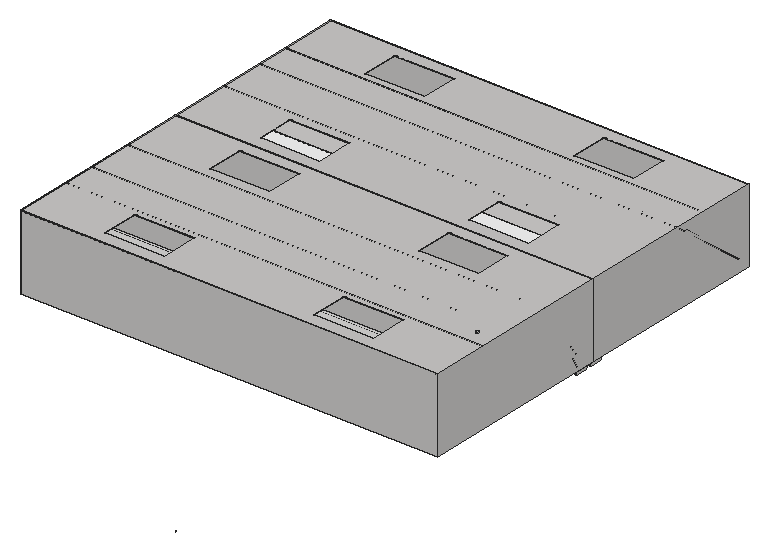
Revit family "QF_ELECTROLUXPROFESSIONAL_640240_STCF2628", category Specialty Equipment, Revit 2014
Reference planes
  plane 1 "Center (Front/Back)": y = 0
  plane 2: z = 0
  plane 3 "Center (Left/Right)": x = 0
  plane 4 "LEFT": x = -1400
  plane 5 "RIGHT": x = 1400
  plane 6 "BACK": y = 1300
  plane 7 "FRONT": y = -1300
  plane 8 "Base": z = 2000
  plane 9 "EIx": x = 1280
  plane 10 "Top": z = 2500
  plane 11 "BaseHood": z = 2000
  plane 12: y = -820
Forms (mm)
  Extrusion 1, solid, material "QF_Finishes_Stainless Steel"
    sketch origin (0, -820, 2500) x (0, 1, 0) y (-1, 0, 0)
      loop
        circle (0, -1280) r 10
    from 0 to 1.6
Dimensions and locks
  plane 4 "LEFT" to plane 5 "RIGHT" = 2800.0 mm
  equal spacing: plane 4 "LEFT", plane 3 "Center (Left/Right)", plane 5 "RIGHT"
  equal spacing: plane 6 "BACK", plane 1 "Center (Front/Back)", plane 7 "FRONT"
  plane 6 "BACK" to plane 7 "FRONT" = 2600.0 mm
  plane 9 "EIx" to plane 5 "RIGHT" = 120.0 mm
  plane 11 "BaseHood" to level = 2000.0 mm
  plane 10 "Top" to plane 11 "BaseHood" = 500.0 mm
  plane 12 to plane 7 "FRONT" = 480.0 mm
  aligned and locked: level to plane 2
Automatic sketch dimensions
  plane 1 "Center (Front/Back)" to Extrusion 1 sketch curve = 820.0 mm
  Extrusion 1 sketch curve to plane 9 "EIx" = 0.0 mm
  radius of Extrusion 1 sketch curve = 10.0 mm
Nested families
  nested 1: "QF_ELECTROLUXPROFESSIONAL_640040" at (-150, -550, 0), type "QF_ELECTROLUXPROFESSIONAL_640040"
  nested 2: "QF_ELECTROLUXPROFESSIONAL_640040" at (-150, 550, 0), type "QF_ELECTROLUXPROFESSIONAL_640040"
Connectors
  piping at (1280, 60, 1970), diameter 9.5
    settings: on nested 2, index 9, connector inside diameter 609.6 mm, connector length 0.0 mm, flow factor 0, pipe flow 0.0 L/s, pressure drop 0.0 Pa, fitting loss kfactor 0, connector angle 0.00°, fixture units 0, engagement length 0.0 mm, angle of deflection 0.00°, flow configuration 1, flow direction 2, fitting loss method 0, system type 16, joint type 0, gender type 0, connector reference index -1, connector utility 0, adjustable connector no, is connector primary yes, connector description "Drain"
  piping at (1280, -60, 1970), diameter 9.5
    settings: on nested 1, index 10, connector inside diameter 609.6 mm, connector length 0.0 mm, flow factor 0, pipe flow 0.0 L/s, pressure drop 0.0 Pa, fitting loss kfactor 0, connector angle 0.00°, fixture units 0, engagement length 0.0 mm, angle of deflection 0.00°, flow configuration 1, flow direction 2, fitting loss method 0, system type 16, joint type 0, gender type 0, connector reference index -1, connector utility 0, adjustable connector no, is connector primary no, connector description "Drain"
  electrical at (1280, -820, 2501.6)
    settings: on Extrusion 1, index 11, voltage 0 V, apparent load 0 VA, apparent load phase1 0 VA, apparent load phase2 0 VA, apparent load phase3 0 VA, power factor 1, load classification "Other", number of poles 1, system type 30, power factor state 1, is connector primary yes, connector utility no, sub classification motor no, connector description "Electrical Connection"
  hvac at (-700, -1089, 2500)
    settings: on nested 1, index 12, duct flow 0.0 L/s, flow factor 0, pres drop 0.0 Pa, loss coef 0, conn angle 0.00°, conn width 400 mm, conn height 250 mm, conn diameter 609.6 mm, duct sys type 1, conn prof type 1, flow config 1, flow direction 1, loss method 0, conn ref index -1, conn util no, is conn primary yes, conn desc "AIR INLET"
  hvac at (-700, 1089, 2500)
    settings: on nested 2, index 13, duct flow 0.0 L/s, flow factor 0, pres drop 0.0 Pa, loss coef 0, conn angle 0.00°, conn width 250 mm, conn height 400 mm, conn diameter 609.6 mm, duct sys type 1, conn prof type 1, flow config 1, flow direction 1, loss method 0, conn ref index -1, conn util no, is conn primary no, conn desc "AIR INLET"
  hvac at (700, 1089, 2500)
    settings: on nested 2, index 14, duct flow 0.0 L/s, flow factor 0, pres drop 0.0 Pa, loss coef 0, conn angle 0.00°, conn width 250 mm, conn height 400 mm, conn diameter 609.6 mm, duct sys type 1, conn prof type 1, flow config 1, flow direction 1, loss method 0, conn ref index -1, conn util no, is conn primary no, conn desc "AIR INLET"
  hvac at (700, -1089, 2500)
    settings: on nested 1, index 15, duct flow 0.0 L/s, flow factor 0, pres drop 0.0 Pa, loss coef 0, conn angle 0.00°, conn width 400 mm, conn height 250 mm, conn diameter 609.6 mm, duct sys type 1, conn prof type 1, flow config 1, flow direction 1, loss method 0, conn ref index -1, conn util no, is conn primary no, conn desc "AIR INLET"
  hvac at (-700, 211, 2500)
    settings: on nested 2, index 16, duct flow 0.0 L/s, flow factor 0, pres drop 0.0 Pa, loss coef 0, conn angle 0.00°, conn width 250 mm, conn height 400 mm, conn diameter 609.6 mm, duct sys type 3, conn prof type 1, flow config 1, flow direction 2, loss method 0, conn ref index -1, conn util no, is conn primary no, conn desc "EXHAUST OUTLET"
  hvac at (-700, -211, 2500)
    settings: on nested 1, index 17, duct flow 0.0 L/s, flow factor 0, pres drop 0.0 Pa, loss coef 0, conn angle 0.00°, conn width 400 mm, conn height 250 mm, conn diameter 609.6 mm, duct sys type 3, conn prof type 1, flow config 1, flow direction 2, loss method 0, conn ref index -1, conn util no, is conn primary no, conn desc "EXHAUST OUTLET"
  hvac at (700, 211, 2499.19)
    settings: on nested 2, index 18, duct flow 0.0 L/s, flow factor 0, pres drop 0.0 Pa, loss coef 0, conn angle 0.00°, conn width 250 mm, conn height 400 mm, conn diameter 609.6 mm, duct sys type 3, conn prof type 1, flow config 1, flow direction 2, loss method 0, conn ref index -1, conn util no, is conn primary no, conn desc "EXHAUST OUTLET"
  hvac at (700, -211, 2500)
    settings: on nested 1, index 19, duct flow 0.0 L/s, flow factor 0, pres drop 0.0 Pa, loss coef 0, conn angle 0.00°, conn width 400 mm, conn height 250 mm, conn diameter 609.6 mm, duct sys type 3, conn prof type 1, flow config 1, flow direction 2, loss method 0, conn ref index -1, conn util no, is conn primary no, conn desc "EXHAUST OUTLET"
Definition of nested family "QF_ELECTROLUXPROFESSIONAL_640040"
  Reference planes
    plane 1: z = 0
    plane 2 "Center (Left/Right)": x = 150
    plane 3 "LEFT": x = -1250
    plane 4 "RIGHT": x = 1550
    plane 5 "BACK": y = 550
    plane 6 "TOP": z = 2500
    plane 7 "Base": z = 2000
    plane 8: z = 1955
    plane 9 "DrainY": y = 490
    plane 10: x = -1247
    plane 11 "DrainX": x = 1430
    plane 12 "AOLeft2": x = -350
    plane 13 "AORight1": x = 650
    plane 14: x = 1547
    plane 15: x = -1050
    plane 16: x = 1350
    plane 17 "Center (Front/Back)": y = -100
    plane 18 "Front": y = -750
    plane 19 "AOLeft1": x = -750
    plane 20 "AORight2": x = 1050
    plane 21: y = -664
    plane 22: y = -414
    plane 23: y = 214
    plane 24 "EI_y": y = -270
    plane 25 "EIx": x = 1430
    plane 26: y = 464
  Forms (mm)
    Extrusion 1, solid, material "QF_Finishes_Stainless Steel"
      sketch origin (-1250, 0, 360) x (0, 1, 0) y (0, 0, 1)
        loop
          line (550, 1640) -> (550, 2140) -> (-750, 2140) -> (-750, 1640) -> (550, 1640)
      from 0 to 3
    Extrusion 2, solid, material "QF_Finishes_Stainless Steel"
      sketch origin (1550, 0, 360) x (0, 1, 0) y (0, 0, 1)
        loop
          line (550, 1640) -> (550, 2140) -> (-750, 2140) -> (-750, 1640) -> (550, 1640)
      from 0 to -3
    Extrusion 3, solid, material "QF_Finishes_Stainless Steel"
      sketch origin (150, 0, 360) x (0, 1, 0) y (0, 0, 1)
        loop
          line (-750, 2140) -> (-750, 1640) -> (-740, 1640) -> (-740, 1640.8) -> (-749.2, 1640.8) -> (-749.2, 2139.19) -> (549.2, 2139.19) -> (549.2, 1640.8) -> (540, 1640.8) -> (540, 1640) -> (550, 1640) -> (550, 2140) -> (-750, 2140)
      from -1400 to 1400
    Extrusion 4, solid, material "QF_Finishes_Stainless Steel"
      sketch origin (0, 0, 2000) x (0, 1, 0) y (-1, 0, 0)
        loop
          circle (490, -1430) r 4.763
      from -30 to 0
    Extrusion 5, void
      sketch origin (0, 0, 2500) x (0, 1, 0) y (-1, 0, 0)
        loop
          line (-414, 350) -> (-414, 750) -> (-664, 750) -> (-664, 350) -> (-414, 350)
      from 0 to -10
    Extrusion 6, solid, material "QF_Finishes_Stainless Steel"
      sketch origin (0, 0, 0) x (1, 0, 0) y (0, 1, 0)
        loop
          line (-1250, 550) -> (-1250, 549) -> (-1249, 549) -> (-1249, 550) -> (-1250, 550)
      from 0 to 1
    Extrusion 7, solid, material "QF_LAMPS"
      sketch origin (150, 0, 360) x (0, 1, 0) y (0, 0, 1)
        loop
          line (-372.823, 1962.324) -> (-218.948, 2086.929) -> (-227.129, 2097.032) -> (-381.003, 1972.426) -> (-372.823, 1962.324)
      from 1397 to -1397
    Extrusion 8, solid, material "QF_Finishes_Stainless Steel"
      sketch origin (150, 0, 360) x (0, 1, 0) y (0, 0, 1)
        loop
          line (-750, 2139.19) -> (-750, 1640) -> (-686.602, 1640) -> (-599.146, 1690.493) -> (-610.058, 1709.394) -> (-666.564, 1676.77) -> (-714.704, 1680.982) -> (-749.2, 1730.248) -> (-749.2, 2139.19) -> (-750, 2139.19)
        loop
          line (-373.6, 1961.694) -> (-381.937, 1971.99) -> (-369.095, 1982.182) -> (-369.095, 2139.19) -> (-369.895, 2139.19) -> (-369.895, 1982.569) -> (-682.298, 1734.63) -> (-671.091, 1720.79) -> (-373.6, 1961.694)
        loop
          line (-227.61, 2099.216) -> (-218.171, 2087.559) -> (-154.411, 2139.19) -> (-155.682, 2139.19) -> (-218.052, 2088.684) -> (-226.989, 2099.719) -> (-227.61, 2099.216)
      from -1397 to 1397
    Sweep 9, solid, material "QF_Finishes_Stainless Steel"
      path origin (0, 0, 0) x (1, 0, 0) y (0, 1, 0)
        loop
          line (1550, 550) -> (-1250, 550) -> (-1250, -750) -> (1550, -750) -> (1550, 550)
      profile origin (1550, -100, 0) x (1, 0, 0) y (0, 0, 1)
        loop
          line (-3, 2000) -> (-3, 2000.8) -> (-19, 2000.8) -> (-19, 2010) -> (-20, 2010) -> (-20, 2000) -> (-3, 2000)
    Extrusion 10, solid, material "QF_Finishes_Stainless Steel"
      sketch origin (150, 0, 0) x (0, 1, 0) y (0, 0, 1)
        loop
          line (414.66, 2095.469) -> (440.643, 2110.471) -> (235.744, 2411.771) -> (209.948, 2396.455) -> (414.66, 2095.469)
      from -1397 to -1200
    Extrusion 11, void
      sketch origin (1134.605, 0, 2500) x (0, 1, 0) y (-1, 0, 0)
        loop
          line (-414, 84.605) -> (-414, 484.605) -> (-664, 484.605) -> (-664, 84.605) -> (-414, 84.605)
      from 0 to -10
    Extrusion 12, solid, material "QF_Finishes_Stainless Steel"
      sketch origin (1430, 0, 0) x (0, 1, 0) y (0, 0, 1)
        loop
          line (539, 2000) -> (441, 2000) -> (441, 1989) -> (448.5, 1989) -> (448.5, 1965)
          arc (448.5, 1965) -> (451.429, 1957.929) -> (458.5, 1955) r 10
          line (458.5, 1955) -> (521.5, 1955)
          arc (521.5, 1955) -> (528.571, 1957.929) -> (531.5, 1965) r 10
          line (531.5, 1965) -> (531.5, 1989) -> (539, 1989) -> (539, 2000)
      from 90 to -90
    Extrusion 13, solid, material "QF_Finishes_Stainless Steel"
      sketch origin (150, 0, 360) x (0, 1, 0) y (0, 0, 1)
        loop
          line (-750, 2139.19) -> (-750, 1640) -> (-686.602, 1640) -> (-599.146, 1690.493) -> (-610.058, 1709.394) -> (-666.564, 1676.77) -> (-714.704, 1680.982) -> (-749.2, 1730.248) -> (-749.2, 2139.19) -> (-750, 2139.19)
        loop
          line (-373.6, 1961.694) -> (-381.937, 1971.99) -> (-369.095, 1982.182) -> (-369.095, 2139.19) -> (-369.895, 2139.19) -> (-369.895, 1982.569) -> (-682.298, 1734.63) -> (-671.091, 1720.79) -> (-373.6, 1961.694)
        loop
          line (-227.61, 2099.216) -> (-218.171, 2087.559) -> (-154.411, 2139.19) -> (-155.682, 2139.19) -> (-218.052, 2088.684) -> (-226.989, 2099.719) -> (-227.61, 2099.216)
      from -1397 to 1397
    Extrusion 14, solid, material "QF_Finishes_Stainless Steel"
      sketch origin (150, 0, 0) x (0, 1, 0) y (0, 0, 1)
        loop
          line (414.66, 2095.469) -> (440.643, 2110.471) -> (235.744, 2411.771) -> (209.948, 2396.455) -> (414.66, 2095.469)
      from 1200 to 1397
    Extrusion 15, solid, material "QF_Finished_Chrome"
      sketch origin (150, 0, 0) x (0, 1, 0) y (0, 0, 1)
        loop
          line (414.66, 2095.469) -> (440.643, 2110.471) -> (235.744, 2411.771) -> (209.948, 2396.455) -> (414.66, 2095.469)
      from -1200 to 1200
    Extrusion 16, void
      sketch origin (0, 1180, 2500) x (0, 1, 0) y (-1, 0, 0)
        loop
          line (-716, 350) -> (-716, 750) -> (-966, 750) -> (-966, 350) -> (-716, 350)
      from 0 to -10
    Extrusion 17, void
      sketch origin (1600, 1180, 2500) x (0, 1, 0) y (-1, 0, 0)
        loop
          line (-716, 550) -> (-716, 950) -> (-966, 950) -> (-966, 550) -> (-716, 550)
      from 0 to -10
    Extrusion 18, solid, material "QF_Finishes_Stainless Steel"
      sketch origin (150, 0, 360) x (0, 1, 0) y (0, 0, 1)
        loop
          line (430.005, 1640) -> (540, 1640) -> (540, 1640.8) -> (430.467, 1640.8) -> (371.906, 1742.23) -> (414.858, 1734.657) -> (442.266, 1750.481) -> (442.266, 1765.943) -> (441.466, 1765.943) -> (441.466, 1750.943) -> (414.709, 1735.495) -> (321.153, 1751.991) -> (320.875, 1750.416) -> (371.4, 1741.507) -> (430.005, 1640)
        loop
          line (146.529, 2139.19) -> (216.893, 2017.316) -> (219.133, 2018.715) -> (214.13, 2027.381) -> (212.569, 2026.405) -> (147.453, 2139.19) -> (146.529, 2139.19)
      from -1397 to 1397
  Cuts and joins
    Extrusion 5, Extrusion 11, Extrusion 16, Extrusion 17 cuts Extrusion 3
    joined: Extrusion 2, Extrusion 3, Sweep 9
  Lines and regions (mm)
    symbolic lines, style "SpecialityEquipment", detail levels coarse
      curve 1: line (1550, 550, 2500) -> (-1250, 550, 2500)
      curve 2: line (-1250, 550, 2500) -> (-1250, -750, 2500)
      curve 3: line (1550, -750, 2500) -> (1550, 550, 2500)
      curve 4: line (-1250, 550, 0) -> (1550, -750, 0)
      curve 5: line (1550, 550, 0) -> (-1250, -750, 0)
      curve 6: line (-1250, -750, 0) -> (1550, -750, 0)
      curve 7: line (-350, -414, 0) -> (-750, -414, 0)
      curve 8: line (-350, -664, 0) -> (-350, -414, 0)
      curve 9: line (-750, -664, 0) -> (-350, -664, 0)
      curve 10: line (-750, -414, 0) -> (-750, -664, 0)
      curve 11: line (650, -414, 0) -> (650, -664, 0)
      curve 12: line (1050, -414, 0) -> (650, -414, 0)
      curve 13: line (1050, -664, 0) -> (1050, -414, 0)
      curve 14: line (650, -664, 0) -> (1050, -664, 0)
    symbolic lines, detail levels coarse
      curve 15: line (-750, 214, 2500) -> (-350, 214, 2500)
      curve 16: line (-750, 464, 2500) -> (-750, 214, 2500)
      curve 17: line (-350, 464, 2500) -> (-750, 464, 2500)
      curve 18: line (-350, 214, 2500) -> (-350, 464, 2500)
      curve 19: line (650, 464, 2500) -> (650, 214, 2500)
      curve 20: line (1050, 464, 2500) -> (650, 464, 2500)
      curve 21: line (650, 214, 2500) -> (1050, 214, 2500)
      curve 22: line (1050, 214, 2500) -> (1050, 464, 2500)
  Dimensions and locks
    plane 3 "LEFT" to plane 4 "RIGHT" = 2800.0 mm
    equal spacing: plane 3 "LEFT", plane 2 "Center (Left/Right)", plane 4 "RIGHT"
    plane 7 "Base" to plane 8 = 45.0 mm
    plane 5 "BACK" to plane 9 "DrainY" = 60.0 mm  (x2)
    plane 3 "LEFT" to plane 10 = 3.0 mm
    plane 11 "DrainX" to plane 4 "RIGHT" = 120.0 mm
    plane 14 to plane 4 "RIGHT" = 3.0 mm
    plane 3 "LEFT" to plane 15 = 200.0 mm
    plane 16 to plane 4 "RIGHT" = 200.0 mm
    locked: plane 12 "AOLeft2" to plane 13 "AORight1" at 1000
    equal spacing: plane 12 "AOLeft2", plane 2 "Center (Left/Right)", plane 13 "AORight1"
    locked: plane 7 "Base" to level at 2000
    locked: plane 6 "TOP" to plane 7 "Base" at 500
    plane 5 "BACK" to plane 18 "Front" = 1300.0 mm  (x2)
    equal spacing: plane 5 "BACK", plane 17 "Center (Front/Back)", plane 18 "Front"
    locked: plane 19 "AOLeft1" to plane 12 "AOLeft2" at 400
    locked: plane 13 "AORight1" to plane 20 "AORight2" at 400
    locked: plane 22 to plane 21 at 250
    plane 21 to plane 18 "Front" = 86.0 mm
    locked: plane 24 "EI_y" to plane 18 "Front" at 480
    locked: plane 25 "EIx" to plane 4 "RIGHT" at 120
    plane 5 "BACK" to plane 26 = 86.0 mm
    plane 26 to plane 23 = 250.0 mm
    aligned and locked: level to plane 1
    aligned and locked: plane 4 "RIGHT" to Extrusion 3
    aligned and locked: Extrusion 3 to plane 3 "LEFT"
    aligned and locked: Extrusion 2 to plane 14
    aligned and locked: Extrusion 10 to plane 10
    aligned and locked: Extrusion 8 to plane 10
    aligned and locked: plane 14 to Extrusion 8
    aligned and locked: Extrusion 5 to plane 19 "AOLeft1"
    aligned and locked: Extrusion 5 to plane 12 "AOLeft2"
    aligned and locked: plane 20 "AORight2" to Extrusion 11
    aligned and locked: plane 13 "AORight1" to Extrusion 11
    aligned and locked: plane 15 to Extrusion 10
    aligned and locked: plane 16 to Extrusion 14
    aligned and locked: plane 14 to Extrusion 14
    aligned and locked: Extrusion 15 to plane 15
    aligned and locked: Extrusion 15 to plane 16
    aligned and locked: plane 14 to Extrusion 7
    aligned and locked: Extrusion 7 to plane 10
    aligned and locked: Extrusion 16 to plane 23
    aligned and locked: Extrusion 17 to plane 23
    aligned and locked: plane 13 "AORight1" to Extrusion 17
    aligned and locked: plane 20 "AORight2" to Extrusion 17
    aligned and locked: Extrusion 16 to plane 19 "AOLeft1"
    aligned and locked: Extrusion 16 to plane 12 "AOLeft2"
    aligned and locked: Extrusion 18 to plane 10
    aligned and locked: plane 14 to Extrusion 18
    aligned and locked: plane 14 to Extrusion 13
    aligned and locked: Extrusion 13 to plane 10
    aligned and locked: cut or joined group of Extrusion 2, Extrusion 3, Extrusion 5, Sweep 9, Extrusion 11, Extrusion 16, Extrusion 17 to plane 21  (x2)
    aligned and locked: curve 9 to plane 21
    aligned and locked: plane 22 to cut or joined group of Extrusion 2, Extrusion 3, Extrusion 5, Sweep 9, Extrusion 11, Extrusion 16, Extrusion 17  (x2)
    aligned and locked: plane 22 to curve 7
    aligned and locked: curve 14 to plane 21
    aligned and locked: plane 22 to curve 12
    aligned and locked: plane 26 to cut or joined group of Extrusion 2, Extrusion 3, Extrusion 5, Sweep 9, Extrusion 11, Extrusion 16, Extrusion 17  (x2)
    aligned and locked: plane 26 to curve 17
    aligned and locked: plane 26 to curve 20
  Automatic sketch dimensions
    curve 6 to plane 3 "LEFT" = 0.0 mm
    curve 4 to plane 3 "LEFT" = 0.0 mm
    curve 10 to plane 19 "AOLeft1" = 0.0 mm
    curve 8 to plane 12 "AOLeft2" = 0.0 mm
    curve 14 to plane 13 "AORight1" = 0.0 mm
    curve 14 to plane 20 "AORight2" = 0.0 mm
    curve 5 to plane 4 "RIGHT" = 0.0 mm
    curve 6 to plane 4 "RIGHT" = 0.0 mm
    curve 4 to plane 18 "Front" = 0.0 mm
    curve 4 to plane 5 "BACK" = 0.0 mm
    curve 5 to plane 5 "BACK" = 0.0 mm
    curve 2 to plane 3 "LEFT" = 0.0 mm
    curve 2 to plane 18 "Front" = 0.0 mm
    curve 3 to plane 4 "RIGHT" = 0.0 mm
    curve 3 to plane 18 "Front" = 0.0 mm
    curve 2 to plane 5 "BACK" = 0.0 mm
    Extrusion 1 sketch curve to plane 7 "Base" = 0.0 mm
    Extrusion 1 sketch curve to plane 18 "Front" = 0.0 mm
    Extrusion 1 sketch curve to plane 5 "BACK" = 0.0 mm
    Extrusion 1 sketch curve to plane 6 "TOP" = 0.0 mm
    Extrusion 2 sketch curve to plane 7 "Base" = 0.0 mm
    Extrusion 2 sketch curve to plane 18 "Front" = 0.0 mm
    Extrusion 2 sketch curve to plane 5 "BACK" = 0.0 mm
    Extrusion 2 sketch curve to plane 6 "TOP" = 0.0 mm
    Extrusion 3 sketch curve to plane 6 "TOP" = 0.0 mm
    Extrusion 3 sketch curve to plane 18 "Front" = 0.0 mm
    Extrusion 3 sketch curve to plane 7 "Base" = 0.0 mm  (x2)
    Extrusion 3 sketch curve to plane 5 "BACK" = 0.0 mm
    plane 18 "Front" to Extrusion 3 sketch curve = 0.8 mm
    Extrusion 3 sketch curve to Extrusion 3 sketch curve = 9.2 mm
    plane 7 "Base" to Extrusion 3 sketch curve = 0.8 mm  (x2)
    Extrusion 3 sketch curve to plane 5 "BACK" = 10.0 mm
    Extrusion 3 sketch curve to plane 5 "BACK" = 0.8 mm
    Extrusion 3 sketch curve to plane 6 "TOP" = 0.81 mm
    Extrusion 4 sketch curve to plane 9 "DrainY" = 0.0 mm
    Extrusion 4 sketch curve to plane 11 "DrainX" = 0.0 mm
    Extrusion 5 sketch curve to plane 12 "AOLeft2" = 0.0 mm
    Extrusion 5 sketch curve to plane 19 "AOLeft1" = 0.0 mm
    plane 21 to Extrusion 5 sketch curve = 0.0 mm
    Extrusion 5 sketch curve to plane 24 "EI_y" = 144.0 mm
    Extrusion 6 sketch curve to plane 3 "LEFT" = 0.0 mm
    Extrusion 6 sketch curve to plane 5 "BACK" = 0.0 mm
    plane 3 "LEFT" to Extrusion 6 sketch curve = 1.0 mm
    Extrusion 6 sketch curve to Extrusion 6 sketch curve = 1.0 mm
    plane 22 to Extrusion 7 sketch curve = 32.997 mm
    Extrusion 7 sketch curve to Extrusion 7 sketch curve = 8.181 mm  (x2)
    plane 24 "EI_y" to Extrusion 7 sketch curve = 42.871 mm
    Extrusion 7 sketch curve to plane 6 "TOP" = 177.676 mm
    Extrusion 7 sketch curve to Extrusion 7 sketch curve = 10.102 mm
    Extrusion 7 sketch curve to plane 6 "TOP" = 53.071 mm
    Extrusion 7 sketch curve to Extrusion 7 sketch curve = 10.103 mm
    Extrusion 8 sketch curve to plane 7 "Base" = 0.0 mm
    Extrusion 8 sketch curve to plane 18 "Front" = 0.0 mm
    Extrusion 8 sketch curve to Extrusion 8 sketch curve = 0.8 mm  (x2)
    plane 18 "Front" to Extrusion 8 sketch curve = 35.296 mm
    Extrusion 8 sketch curve to plane 21 = 22.602 mm
    Extrusion 8 sketch curve to plane 21 = 18.298 mm
    Extrusion 8 sketch curve to plane 21 = 7.091 mm
    Extrusion 8 sketch curve to plane 21 = 2.564 mm
    plane 21 to Extrusion 8 sketch curve = 53.942 mm
    Extrusion 8 sketch curve to Extrusion 8 sketch curve = 10.912 mm
    plane 22 to Extrusion 8 sketch curve = 32.063 mm
    Extrusion 8 sketch curve to Extrusion 8 sketch curve = 8.337 mm
    Extrusion 8 sketch curve to Extrusion 8 sketch curve = 12.042 mm
    plane 24 "EI_y" to Extrusion 8 sketch curve = 42.39 mm
    Extrusion 8 sketch curve to Extrusion 8 sketch curve = 0.622 mm
    Extrusion 8 sketch curve to Extrusion 8 sketch curve = 9.44 mm
    Extrusion 8 sketch curve to Extrusion 8 sketch curve = 0.118 mm
    Extrusion 8 sketch curve to plane 6 "TOP" = 0.81 mm  (x3)
    Extrusion 8 sketch curve to plane 17 "Center (Front/Back)" = 55.682 mm
    Extrusion 8 sketch curve to Extrusion 8 sketch curve = 1.271 mm
    plane 7 "Base" to Extrusion 8 sketch curve = 36.77 mm
    plane 7 "Base" to Extrusion 8 sketch curve = 40.982 mm
    plane 7 "Base" to Extrusion 8 sketch curve = 50.493 mm
    Extrusion 8 sketch curve to Extrusion 8 sketch curve = 18.901 mm
    Extrusion 8 sketch curve to Extrusion 8 sketch curve = 44.02 mm
    Extrusion 8 sketch curve to Extrusion 8 sketch curve = 49.266 mm
    Extrusion 8 sketch curve to Extrusion 8 sketch curve = 13.84 mm
    Extrusion 8 sketch curve to plane 6 "TOP" = 178.306 mm
    Extrusion 8 sketch curve to Extrusion 8 sketch curve = 10.296 mm
    Extrusion 8 sketch curve to Extrusion 8 sketch curve = 10.192 mm
    Extrusion 8 sketch curve to Extrusion 8 sketch curve = 0.386 mm
    Extrusion 8 sketch curve to plane 6 "TOP" = 52.441 mm
    Extrusion 8 sketch curve to Extrusion 8 sketch curve = 1.125 mm
    Sweep 9 sketch curve to plane 3 "LEFT" = 0.0 mm
    Sweep 9 sketch curve to plane 4 "RIGHT" = 0.0 mm
    Sweep 9 sketch curve to plane 18 "Front" = 0.0 mm
    Sweep 9 sketch curve to plane 5 "BACK" = 0.0 mm
    profile plane to Sweep 9 sketch curve = 20.0 mm
    Sweep 9 sketch curve to Sweep 9 sketch curve = 1.0 mm
    profile plane to Sweep 9 sketch curve = 3.0 mm
    level to Sweep 9 sketch curve = 2000.0 mm
    Sweep 9 sketch curve to Sweep 9 sketch curve = 0.8 mm
    Sweep 9 sketch curve to Sweep 9 sketch curve = 9.2 mm
    Extrusion 10 sketch curve to plane 23 = 4.052 mm
    plane 23 to Extrusion 10 sketch curve = 21.744 mm
    Extrusion 10 sketch curve to plane 9 "DrainY" = 75.34 mm
    Extrusion 10 sketch curve to Extrusion 10 sketch curve = 25.983 mm
    plane 7 "Base" to Extrusion 10 sketch curve = 95.469 mm
    Extrusion 10 sketch curve to Extrusion 10 sketch curve = 15.001 mm
    Extrusion 10 sketch curve to plane 6 "TOP" = 103.545 mm
    Extrusion 10 sketch curve to Extrusion 10 sketch curve = 15.316 mm
    Extrusion 11 sketch curve to plane 20 "AORight2" = 0.0 mm
    Extrusion 11 sketch curve to plane 13 "AORight1" = 0.0 mm
    plane 21 to Extrusion 11 sketch curve = 0.0 mm
    Extrusion 11 sketch curve to plane 24 "EI_y" = 144.0 mm
    Extrusion 13 sketch curve to plane 7 "Base" = 0.0 mm
    Extrusion 13 sketch curve to plane 18 "Front" = 0.0 mm
    Extrusion 13 sketch curve to Extrusion 13 sketch curve = 0.8 mm  (x2)
    plane 18 "Front" to Extrusion 13 sketch curve = 35.296 mm
    Extrusion 13 sketch curve to plane 21 = 22.602 mm
    Extrusion 13 sketch curve to plane 21 = 18.298 mm
    Extrusion 13 sketch curve to plane 21 = 7.091 mm
    Extrusion 13 sketch curve to plane 21 = 2.564 mm
    plane 21 to Extrusion 13 sketch curve = 53.942 mm
    Extrusion 13 sketch curve to Extrusion 13 sketch curve = 10.912 mm
    plane 22 to Extrusion 13 sketch curve = 32.063 mm
    Extrusion 13 sketch curve to Extrusion 13 sketch curve = 8.337 mm
    Extrusion 13 sketch curve to plane 6 "TOP" = 0.81 mm  (x3)
    plane 22 to Extrusion 13 sketch curve = 44.105 mm
    plane 24 "EI_y" to Extrusion 13 sketch curve = 42.39 mm
    Extrusion 13 sketch curve to Extrusion 13 sketch curve = 0.622 mm
    Extrusion 13 sketch curve to Extrusion 13 sketch curve = 9.44 mm
    Extrusion 13 sketch curve to Extrusion 13 sketch curve = 0.118 mm
    Extrusion 13 sketch curve to plane 17 "Center (Front/Back)" = 55.682 mm
    Extrusion 13 sketch curve to Extrusion 13 sketch curve = 1.271 mm
    plane 7 "Base" to Extrusion 13 sketch curve = 36.77 mm
    plane 7 "Base" to Extrusion 13 sketch curve = 40.982 mm
    plane 7 "Base" to Extrusion 13 sketch curve = 50.493 mm
    Extrusion 13 sketch curve to Extrusion 13 sketch curve = 18.901 mm
    Extrusion 13 sketch curve to Extrusion 13 sketch curve = 44.02 mm
    Extrusion 13 sketch curve to Extrusion 13 sketch curve = 49.266 mm
    Extrusion 13 sketch curve to Extrusion 13 sketch curve = 13.84 mm
    Extrusion 13 sketch curve to Extrusion 13 sketch curve = 177.496 mm
    Extrusion 13 sketch curve to Extrusion 13 sketch curve = 10.296 mm
    Extrusion 13 sketch curve to Extrusion 13 sketch curve = 10.192 mm
    Extrusion 13 sketch curve to Extrusion 13 sketch curve = 0.386 mm
    Extrusion 13 sketch curve to plane 6 "TOP" = 52.441 mm
    Extrusion 13 sketch curve to Extrusion 13 sketch curve = 1.125 mm
    Extrusion 14 sketch curve to plane 23 = 4.052 mm
    plane 23 to Extrusion 14 sketch curve = 21.744 mm
    Extrusion 14 sketch curve to plane 9 "DrainY" = 75.34 mm
    Extrusion 14 sketch curve to Extrusion 14 sketch curve = 25.983 mm
    plane 7 "Base" to Extrusion 14 sketch curve = 95.469 mm
    Extrusion 14 sketch curve to Extrusion 14 sketch curve = 15.001 mm
    Extrusion 14 sketch curve to plane 6 "TOP" = 103.545 mm
    Extrusion 14 sketch curve to Extrusion 14 sketch curve = 15.316 mm
    Extrusion 15 sketch curve to plane 23 = 4.052 mm
    plane 23 to Extrusion 15 sketch curve = 21.744 mm
    Extrusion 15 sketch curve to plane 9 "DrainY" = 75.34 mm
    Extrusion 15 sketch curve to Extrusion 15 sketch curve = 25.983 mm
    plane 7 "Base" to Extrusion 15 sketch curve = 95.469 mm
    Extrusion 15 sketch curve to Extrusion 15 sketch curve = 15.001 mm
    Extrusion 15 sketch curve to plane 6 "TOP" = 103.545 mm
    Extrusion 15 sketch curve to Extrusion 15 sketch curve = 15.316 mm
    Extrusion 16 sketch curve to plane 12 "AOLeft2" = 0.0 mm
    Extrusion 16 sketch curve to plane 23 = 0.0 mm
    Extrusion 16 sketch curve to plane 9 "DrainY" = 26.0 mm
    Extrusion 16 sketch curve to plane 19 "AOLeft1" = 0.0 mm
    Extrusion 17 sketch curve to plane 20 "AORight2" = 0.0 mm
    Extrusion 17 sketch curve to plane 23 = 0.0 mm
    Extrusion 17 sketch curve to plane 9 "DrainY" = 26.0 mm
    Extrusion 17 sketch curve to plane 13 "AORight1" = 0.0 mm
    Extrusion 18 sketch curve to plane 7 "Base" = 0.0 mm
    Extrusion 18 sketch curve to plane 9 "DrainY" = 47.734 mm
    Extrusion 18 sketch curve to Extrusion 18 sketch curve = 0.8 mm
    plane 9 "DrainY" to Extrusion 18 sketch curve = 50.0 mm
    plane 7 "Base" to Extrusion 18 sketch curve = 0.8 mm
    Extrusion 18 sketch curve to Extrusion 18 sketch curve = 109.533 mm
    Extrusion 18 sketch curve to Extrusion 18 sketch curve = 0.462 mm  (x2)
    Extrusion 18 sketch curve to Extrusion 18 sketch curve = 26.608 mm
    Extrusion 18 sketch curve to Extrusion 18 sketch curve = 0.148 mm
    Extrusion 18 sketch curve to Extrusion 18 sketch curve = 42.803 mm
    Extrusion 18 sketch curve to Extrusion 18 sketch curve = 0.506 mm
    Extrusion 18 sketch curve to Extrusion 18 sketch curve = 50.247 mm
    Extrusion 18 sketch curve to Extrusion 18 sketch curve = 0.278 mm
    plane 23 to Extrusion 18 sketch curve = 5.133 mm
    Extrusion 18 sketch curve to Extrusion 18 sketch curve = 2.24 mm
    plane 23 to Extrusion 18 sketch curve = 0.13 mm
    Extrusion 18 sketch curve to plane 23 = 1.431 mm
    Extrusion 18 sketch curve to plane 6 "TOP" = 0.81 mm
    Extrusion 18 sketch curve to plane 23 = 66.547 mm
    Extrusion 18 sketch curve to Extrusion 18 sketch curve = 0.924 mm
    plane 7 "Base" to Extrusion 18 sketch curve = 94.657 mm
    Extrusion 18 sketch curve to Extrusion 18 sketch curve = 0.838 mm
    Extrusion 18 sketch curve to Extrusion 18 sketch curve = 6.012 mm
    Extrusion 18 sketch curve to Extrusion 18 sketch curve = 0.723 mm
    Extrusion 18 sketch curve to Extrusion 18 sketch curve = 14.986 mm
    Extrusion 18 sketch curve to Extrusion 18 sketch curve = 15.0 mm
    Extrusion 18 sketch curve to plane 6 "TOP" = 122.684 mm
    Extrusion 18 sketch curve to Extrusion 18 sketch curve = 1.399 mm
    Extrusion 18 sketch curve to Extrusion 18 sketch curve = 9.089 mm
    Extrusion 18 sketch curve to Extrusion 18 sketch curve = 0.975 mm
    curve 15 to plane 19 "AOLeft1" = 0.0 mm
    curve 15 to plane 23 = 0.0 mm
    curve 15 to plane 12 "AOLeft2" = 0.0 mm
    curve 19 to plane 13 "AORight1" = 0.0 mm
    curve 19 to plane 23 = 0.0 mm
    curve 21 to plane 20 "AORight2" = 0.0 mm
    Extrusion 12 sketch curve to plane 8 = 0.0 mm
    Extrusion 12 sketch curve to plane 7 "Base" = 11.0 mm  (x2)
    Extrusion 12 sketch curve to plane 9 "DrainY" = 49.0 mm
    Extrusion 12 sketch curve to Extrusion 12 sketch curve = 7.5 mm  (x2)
    Extrusion 12 sketch curve to Extrusion 12 sketch curve = 10.0 mm
    Extrusion 12 sketch curve to plane 5 "BACK" = 28.5 mm
    Extrusion 12 sketch curve to plane 5 "BACK" = 18.5 mm
    plane 7 "Base" to Extrusion 12 sketch curve = 0.0 mm
    radius of Extrusion 4 sketch curve = 4.763 mm
